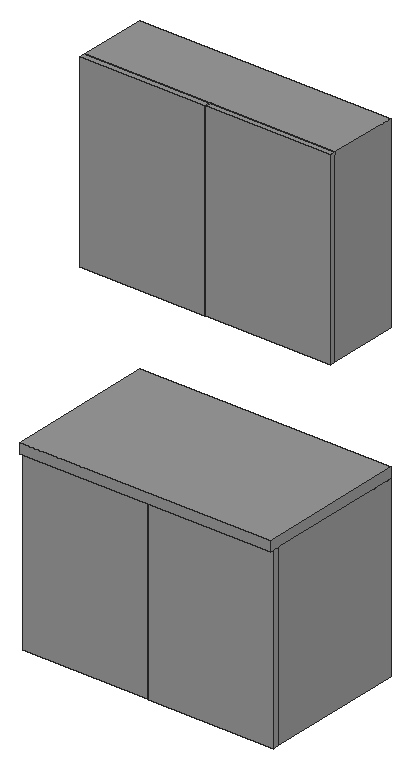
Revit family "АВЛН_Кухонный гарнитур", category Мебель, Revit 2019
Family settings
  Номер OmniClass = 23.40.20.00
  Заголовок OmniClass = General Furniture and Specialties
  На основе рабочей плоскости = Нет
  Всегда вертикально = Да
  При загрузке вырезать с полостями = Нет
  Общий = Нет
  Точка расчета площади = Нет
Parameters (values of type "Кухонный гарнитур")
  Шкаф_высота = 750 mm
  Столешница_высота = 750 mm
  Описание = "Боковая демонстрационная панель 1200х300мм (2\r\nшт.), в комплекте с полками, крючками, магнитными\r\nдержателями и кронштейнами."
  Type Comments = ""
  Keynote = ""
  Изготовитель = "Россия"
  Группа модели = "Оборудование основных помещений школы"
  ADSK_Размер_Ширина = 600 mm
  ADSK_Размер_Длина = 1000 mm
  ADSK_Размер_Высота = 2000 mm
  ADSK_Обозначение = ""
  ADSK_Масса = 0
  ADSK_Код изделия = ""
  ADSK_Единица измерения = "шт"  # constant formula
Reference planes
  plane 1 "По центру (Вперед/Назад)": y = 0
  plane 2: z = 0
  plane 3 "По центру (Влево/Вправо)": x = 0
  plane 4 "Столешница_Высота": z = 750
  plane 5: y = 300
  plane 6: x = 500
  plane 7: x = -500
  plane 8: y = -300
  plane 9: z = 2000
  plane 10 "Шкаф высота": z = 1250
Forms (mm)
  Extrusion 1, solid, material "Деревянная обшивка, ДСП"
    sketch origin (0, -518.993, 592.976) x (-1, 0, 0) y (0, -1, 0)
      loop
        line (500, -818.993) -> (500, -258.993) -> (-500, -258.993) -> (-500, -818.993) -> (500, -818.993)
    from -592.976 to 117.024
  Extrusion 2, solid, material "Травертин"
    sketch origin (0, -518.993, 592.976) x (-1, 0, 0) y (0, -1, 0)
      loop
        line (500, -818.993) -> (500, -218.993) -> (-500, -218.993) -> (-500, -818.993) -> (500, -818.993)
    from 157.024 to 117.024
  Extrusion 3, solid, material "Деревянная обшивка, ДСП"
    sketch origin (0, -518.993, 592.976) x (-1, 0, 0) y (0, -1, 0)
      loop
        line (500, -818.993) -> (500, -543.767) -> (-500, -543.767) -> (-500, -818.993) -> (500, -818.993)
    from 657.024 to 1407.024
  Extrusion 4, solid, material "Травертин"
    sketch origin (0, -518.993, 592.976) x (-1, 0, 0) y (0, -1, 0)
      loop
        line (500, -518.993) -> (1, -518.993) -> (1, -543.767) -> (500, -543.767) -> (500, -518.993)
      loop
        line (-500, -543.767) -> (-1, -543.767) -> (-1, -518.993) -> (-500, -518.993) -> (-500, -543.767)
    from 657.024 to 1407.024
  Extrusion 5, solid, material "Травертин"
    sketch origin (0, -518.993, 592.976) x (-1, 0, 0) y (0, -1, 0)
      loop
        line (500, -258.993) -> (500, -233.993) -> (1, -233.993) -> (1, -258.993) -> (500, -258.993)
      loop
        line (-500, -258.993) -> (-1, -258.993) -> (-1, -233.993) -> (-500, -233.993) -> (-500, -258.993)
    from -592.976 to 117.024
Dimensions and locks
  plane 2 to plane 4 "Столешница_Высота" = 750 mm
  equal spacing: plane 8, plane 1 "По центру (Вперед/Назад)", plane 5
  equal spacing: plane 7, plane 3 "По центру (Влево/Вправо)", plane 6
  "ADSK_Размер_Длина": plane 7 to plane 6
  "ADSK_Размер_Ширина": plane 5 to plane 8
  "ADSK_Размер_Высота": plane 2 to plane 9
  locked: Extrusion 1 sketch curve to plane 8 at 40
  locked: Extrusion 1 to plane 4 "Столешница_Высота" at 40
  "Столешница_высота": level to plane 4 "Столешница_Высота"
  "Шкаф_высота": plane 10 "Шкаф высота" to plane 9
  locked: plane 1 "По центру (Вперед/Назад)" to Extrusion 3 at 24.774
  locked: plane 3 "По центру (Влево/Вправо)" to Extrusion 4 sketch curve at 1
  locked: Extrusion 4 sketch curve to plane 3 "По центру (Влево/Вправо)" at 1
  locked: Extrusion 5 sketch curve to plane 3 "По центру (Влево/Вправо)" at 1
  locked: plane 3 "По центру (Влево/Вправо)" to Extrusion 5 sketch curve at 1
  locked: Extrusion 5 sketch curve to plane 8 at 15  (x2)
  aligned and locked: level to plane 2
  aligned and locked: Extrusion 1 sketch curve to plane 5
  aligned and locked: Extrusion 1 sketch curve to plane 7
  aligned and locked: Extrusion 1 sketch curve to plane 6
  aligned and locked: Extrusion 2 sketch curve to plane 7
  aligned and locked: plane 8 to Extrusion 2 sketch curve
  aligned and locked: Extrusion 2 sketch curve to plane 5
  aligned and locked: Extrusion 2 sketch curve to plane 6
  aligned and locked: Extrusion 1 to level
  aligned and locked: Extrusion 2 to Extrusion 1
  aligned and locked: Extrusion 2 to plane 4 "Столешница_Высота"
  aligned and locked: Extrusion 3 sketch curve to plane 5
  aligned and locked: plane 7 to Extrusion 3 sketch curve
  aligned and locked: Extrusion 3 sketch curve to plane 6
  aligned and locked: plane 9 to Extrusion 3
  aligned and locked: Extrusion 3 to plane 10 "Шкаф высота"
  aligned and locked: Extrusion 3 to plane 7
  aligned and locked: plane 6 to Extrusion 3
  aligned and locked: plane 5 to Extrusion 3
  aligned and locked: plane 1 "По центру (Вперед/Назад)" to Extrusion 4 sketch curve  (x2)
  aligned and locked: Extrusion 2 to Extrusion 4 sketch curve
  aligned and locked: Extrusion 4 sketch curve to Extrusion 3  (x3)
  aligned and locked: Extrusion 4 to Extrusion 3
  aligned and locked: Extrusion 3 to Extrusion 4
  aligned and locked: Extrusion 5 sketch curve to Extrusion 1  (x4)
  aligned and locked: Extrusion 5 to Extrusion 1
  aligned and locked: Extrusion 1 to Extrusion 5
Automatic sketch dimensions
  Extrusion 3 sketch curve to plane 1 "По центру (Вперед/Назад)" = 24.774 mm
